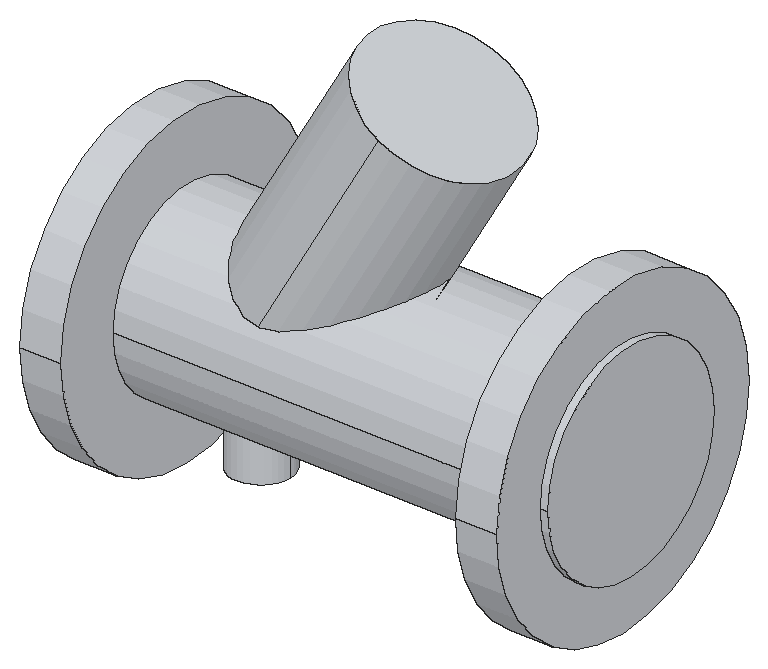
Revit family "HS 821-síto_standard-PN40-DN065-RFA_2018", category Pipe Accessories, Revit 2018
Family settings
  Round Connector Dimension = Use Diameter
  Part Type = Breaks Into
  Work Plane-Based = No
  Always vertical = Yes
  Cut with Voids When Loaded = No
  Shared = No
Parameters (values of type "821F-DN065-PN40-síto_standard")
  magiProductId = "dc9821e3f9b34e128f6a8c6b34c198"
  magiProductFamilyId = "79214ac3aaa945e397802f559f5c1e"
  magiPartTypeId = 307
  isMeasuringValve [instance] = no
  ang2D [instance] = 0.00°
  ZB__ve = -ZB  # -29.75 mm
  ZB1 = 49.41 mm
  ZB = 29.75 mm
  X2 = 86.927 mm
  X1 = 40.6 mm
  W2D = 15 mm
  VersionID = "2.0/2017.9.26.1/ZETKAMA_821_001"
  Use Minimum Symbol Size [instance] = yes
  URL = "www.hydronic.cz"
  Type Comments = "Filtr přírubový; síto standardní; A-PN16 (-10~300°C); D-PN25 (-10~350°C); F-PN40 (-10~400°C)"
  S = 122 mm
  QmdConnectorList = "301;D;302;D"
  Productdata [instance] = ""
  Manufacturer = "Hydronic Systems Prague s.r.o."
  MC Product Code = "240 665 (821F; DN065; PN40; kvs101,5; oko síta 1,25mm)"
  LM1 = 23.2 mm
  LM = 232 mm
  L4 = 72.5 mm
  L2D_Min = 3048 mm
  L2D = 130 mm
  L2 = 145 mm
  HH2 = 150.562 mm
  FD = 185 mm
  Description = "Filtr přírubový; síto standardní; 821A-PN16; 821D-PN25; 821F-PN40"
  DM1 = 94.2 mm
  DM = 109.8 mm
  D = 65 mm
  CC = 4.93 mm
  CAT0 = yes
  C1 = 24.07 mm
  C = 29 mm
  BD = 34.587 mm
Types (40, lengths in mm): name | magiProductId | ZB__ve | ZB1 | ZB | X2 | X1 | S | MC Product Code | LM1 | LM | L4 | L2 | HH2 | FD | DM1 | DM | D | CC | C1 | C | BD
  821A-DN015-PN16-síto_standard | "a71bcfe8b393460598b23e8ddf7dc5" | -16.25 | 18.63 | 16.25 | 46.982 | 18.2 | 46 | "200 115 (821A; DN015; PN16; kvs6,3; oko síta 1,00mm)" | 10.4 | 104 | 32.5 | 65 | 81.375 | 95 | 27.6 | 41.4 | 15 | 2.21 | 10.79 | 13 | 13.041
  821A-DN020-PN16-síto_standard | "41cd6c7a12924f4991217528336076" | -17.75 | 22.68 | 17.75 | 51.673 | 21 | 56 | "200 120 (821A; DN020; PN16; kvs11,2; oko síta 1,00mm)" | 12 | 120 | 37.5 | 75 | 89.5 | 105 | 33.6 | 50.4 | 20 | 2.55 | 12.45 | 15 | 15.876
  821A-DN025-PN16-síto_standard | "be378b463ed14c3abf4c9b3ae8cf3a" | -19.25 | 26.325 | 19.25 | 58.601 | 22.4 | 65 | "200 125 (821A; DN025; PN16; kvs14,7; oko síta 1,00mm)" | 12.8 | 128 | 40 | 80 | 101.5 | 115 | 43.2 | 58.5 | 25 | 2.72 | 13.28 | 16 | 18.427
  821A-DN032-PN16-síto_standard | "227a0d18b21540afabe8b6067d35fa" | -23 | 30.78 | 23 | 68.849 | 25.2 | 76 | "200 132 (821A; DN032; PN16; kvs23,7; oko síta 1,00mm)" | 14.4 | 144 | 45 | 90 | 119.25 | 140 | 50.4 | 68.4 | 32 | 3.06 | 14.94 | 18 | 21.546
  821A-DN040-PN16-síto_standard | "d106917c74724141a10440112d0102" | -24.5 | 34.02 | 24.5 | 75.777 | 28 | 84 | "200 140 (821A; DN040; PN16; kvs37,7; oko síta 1,00mm)" | 16 | 160 | 50 | 100 | 131.25 | 150 | 60 | 75.6 | 40 | 3.4 | 16.6 | 20 | 23.814
  821A-DN050-PN16-síto_standard | "8255d456a09e4f6486734f5dd9171b" | -26.75 | 40.095 | 26.75 | 79.061 | 32.2 | 99 | "200 150 (821A; DN050 PN16; kvs57,9; oko síta 1,00mm)" | 18.4 | 184 | 57.5 | 115 | 136.938 | 165 | 73.8 | 89.1 | 50 | 3.91 | 19.09 | 23 | 28.066
  821A-DN065-PN16-síto_standard | "235b1b3e4c0843779a4d5e3716d40a" | -29.75 | 47.79 | 29.75 | 86.927 | 40.6 | 118 | "200 165 (821A; DN065; PN16; kvs101,5; oko síta 1,25mm)" | 23.2 | 232 | 72.5 | 145 | 150.562 | 185 | 94.2 | 106.2 | 65 | 4.93 | 24.07 | 29 | 33.453
  821A-DN080-PN16-síto_standard | "a067f7c5236348ed8c820d16df7214" | -32 | 53.46 | 32 | 104.753 | 43.4 | 132 | "200 180 (821A; DN080; PN16; kvs147,4; oko síta 1,25mm)" | 24.8 | 248 | 77.5 | 155 | 181.438 | 200 | 107.4 | 118.8 | 80 | 5.27 | 25.73 | 31 | 37.422
  821A-DN100-PN16-síto_standard | "c49a648c2747461285837d643703cd" | -35 | 63.18 | 35 | 114.857 | 49 | 156 | "200 190 (821A; DN100; PN16; kvs209,6; oko síta 1,60mm)" | 28 | 280 | 87.5 | 175 | 198.937 | 220 | 131.4 | 140.4 | 100 | 5.95 | 29.05 | 35 | 44.226
  821A-DN125-PN16-síto_standard | "bf68e728a163493cbd2a663b26ebdc" | -39.5 | 74.52 | 39.5 | 131.888 | 56 | 184 | "200 191 (821A; DN125; PN16; kvs326,2; oko síta 1,60mm)" | 32 | 320 | 100 | 200 | 228.438 | 250 | 165 | 165.6 | 125 | 6.8 | 33.2 | 40 | 52.164
  821A-DN150-PN16-síto_standard | "2de770284b654863ae6bc865769dc5" | -44.75 | 85.455 | 44.75 | 155.885 | 67.2 | 211 | "200 192 (821A; DN150; PN16; kvs403; oko síta 1,60mm)" | 38.4 | 384 | 120 | 240 | 270 | 285 | 192 | 189.9 | 150 | 8.16 | 39.84 | 48 | 59.818
  821A-DN200-PN16-síto_standard | "8e5693371ab64aabb29a7f08c76e15" | -53 | 107.73 | 53 | 188.361 | 84 | 266 | "200 193 (821A; DN200; PN16; kvs707; oko síta 1,60mm)" | 48 | 480 | 150 | 300 | 326.25 | 340 | 252 | 239.4 | 200 | 10.2 | 49.8 | 60 | 75.411
  821A-DN250-PN16-síto_standard | "05e37ed948c34047acdd4c42556504" | -62.75 | 129.195 | 62.75 | 255.911 | 102.2 | 319 | "200 194 (821A; DN250; PN16; kvs1234; oko síta 1,60mm)" | 58.4 | 584 | 182.5 | 365 | 443.25 | 405 | 309.6 | 287.1 | 250 | 12.41 | 60.59 | 73 | 90.436
  821A-DN300-PN16-síto_standard | "9ad0af747269428da925480d83ce80" | -71 | 149.85 | 71 | 325.914 | 119 | 370 | "200 195 (821A; DN300; PN16; kvs1916; oko síta 1,60mm)" | 68 | 680 | 212.5 | 425 | 564.5 | 460 | 369.6 | 333 | 300 | 14.45 | 70.55 | 85 | 104.895
  821A-DN350-PN16-síto_standard | "eebc71459bb3451bb4355e7951370a" | -80 | 173.745 | 80 | 356.875 | 137.2 | 429 | "200 196 (821A; DN350; PN16; kvs2621; oko síta 1,60mm)" | 78.4 | 784 | 245 | 490 | 618.125 | 520 | 438 | 386.1 | 350 | 16.66 | 81.34 | 98 | 121.621
  821A-DN400-PN16-síto_standard | "d2f677cb196647e385b2590e7d8abe" | -89 | 194.4 | 89 | 392.237 | 154 | 480 | "200 197 (821A; DN400; PN16; kvs3460; oko síta 1,60mm)" | 88 | 880 | 275 | 550 | 679.375 | 580 | 498 | 432 | 400 | 18.7 | 91.3 | 110 | 136.08
  821D-DN015-PN25-síto_standard | "27ddcbf555414f8ca1fde329bf9087" | -16.25 | 18.63 | 16.25 | 46.982 | 18.2 | 46 | "200 215 (821D; DN015; PN25; kvs6,3; oko síta 1,00mm)" | 10.4 | 104 | 32.5 | 65 | 81.375 | 95 | 27.6 | 41.4 | 15 | 2.21 | 10.79 | 13 | 13.041
  821D-DN020-PN25-síto_standard | "270e0f14012f47189cd0235c18faee" | -17.75 | 22.68 | 17.75 | 51.673 | 21 | 56 | "200 220 (821D; DN020; PN25; kvs11,2; oko síta 1,00mm)" | 12 | 120 | 37.5 | 75 | 89.5 | 105 | 33.6 | 50.4 | 20 | 2.55 | 12.45 | 15 | 15.876
  821D-DN025-PN25-síto_standard | "b9a7fb4aa36643878c637d8e1ab992" | -19.25 | 26.325 | 19.25 | 58.601 | 22.4 | 65 | "200 225 (821D; DN025; PN25; kvs14,7; oko síta 1,00mm)" | 12.8 | 128 | 40 | 80 | 101.5 | 115 | 43.2 | 58.5 | 25 | 2.72 | 13.28 | 16 | 18.427
  821D-DN032-PN25-síto_standard | "6be9a55c4e68400f94eec7e804204c" | -23 | 30.78 | 23 | 68.849 | 25.2 | 76 | "200 232 (821D; DN032; PN25; kvs23,7; oko síta 1,00mm)" | 14.4 | 144 | 45 | 90 | 119.25 | 140 | 50.4 | 68.4 | 32 | 3.06 | 14.94 | 18 | 21.546
  821D-DN040-PN25-síto_standard | "c54511bd7f584ec2984291479612cb" | -24.5 | 34.02 | 24.5 | 75.777 | 28 | 84 | "200 240 (821D; DN040; PN25; kvs37,7; oko síta 1,00mm)" | 16 | 160 | 50 | 100 | 131.25 | 150 | 60 | 75.6 | 40 | 3.4 | 16.6 | 20 | 23.814
  821D-DN050-PN25-síto_standard | "5483b1f596b04cd39b23a14a22c90e" | -26.75 | 40.095 | 26.75 | 79.061 | 32.2 | 99 | "200 250 (821D; DN050; PN25; kvs57,9; oko síta 1,00mm)" | 18.4 | 184 | 57.5 | 115 | 136.938 | 165 | 73.8 | 89.1 | 50 | 3.91 | 19.09 | 23 | 28.066
  821D-DN065-PN25-síto_standard | "767b0f8318e94750bc7a9930ed5b30" | -29.75 | 47.79 | 29.75 | 86.927 | 40.6 | 118 | "200 265 (821D; DN065; PN25; kvs101,5; oko síta 1,25mm)" | 23.2 | 232 | 72.5 | 145 | 150.562 | 185 | 94.2 | 106.2 | 65 | 4.93 | 24.07 | 29 | 33.453
  821D-DN080-PN25-síto_standard | "e21040fa3cc2404b858198f6b73709" | -32 | 53.46 | 32 | 104.753 | 43.4 | 132 | "200 280 (821D; DN080; PN25; kvs147,4; oko síta 1,25mm)" | 24.8 | 248 | 77.5 | 155 | 181.438 | 200 | 107.4 | 118.8 | 80 | 5.27 | 25.73 | 31 | 37.422
  821D-DN100-PN25-síto_standard | "175ca87a506b40b3bc6b82f12f33cf" | -37.25 | 63.18 | 37.25 | 114.857 | 49 | 156 | "200 290 (821D; DN100; PN25; kvs209,6; oko síta 1,60mm)" | 28 | 280 | 87.5 | 175 | 198.937 | 235 | 131.4 | 140.4 | 100 | 5.95 | 29.05 | 35 | 44.226
  821D-DN125-PN25-síto_standard | "77cc98d60da24855999a22dff726b2" | -42.5 | 74.52 | 42.5 | 131.888 | 56 | 184 | "200 291 (821D; DN125; PN25; kvs326,2; oko síta 1,60mm)" | 32 | 320 | 100 | 200 | 228.438 | 270 | 165 | 165.6 | 125 | 6.8 | 33.2 | 40 | 52.164
  821D-DN150-PN25-síto_standard | "9cf8acfcd15547d68e83172d3abcbe" | -47 | 85.455 | 47 | 155.885 | 67.2 | 211 | "200 292 (821D; DN150; PN25; kvs403; oko síta 1,60mm)" | 38.4 | 384 | 120 | 240 | 270 | 300 | 192 | 189.9 | 150 | 8.16 | 39.84 | 48 | 59.818
  821D-DN200-PN25-síto_standard | "16973f3c9ea14389ba8602495a6b64" | -56 | 110.97 | 56 | 188.361 | 84 | 274 | "200 293 (821D; DN200; PN25; kvs707; oko síta 1,60mm)" | 48 | 480 | 150 | 300 | 326.25 | 360 | 252 | 246.6 | 200 | 10.2 | 49.8 | 60 | 77.679
  821F-DN015-PN40-síto_standard | "4c7eaf3c4c0340888b3e684d8a8616" | -16.25 | 18.225 | 16.25 | 46.982 | 18.2 | 45 | "240 615 (821F; DN015; PN40; kvs6,3; oko síta 1,00mm)" | 10.4 | 104 | 32.5 | 65 | 81.375 | 95 | 27.6 | 40.5 | 15 | 2.21 | 10.79 | 13 | 12.757
  821F-DN020-PN40-síto_standard | "aaac5f1ec96b44d6ba96ac2293d66d" | -17.75 | 23.49 | 17.75 | 51.673 | 21 | 58 | "240 620 (821F; DN020; PN40; kvs11,2; oko síta 1,00mm)" | 12 | 120 | 37.5 | 75 | 89.5 | 105 | 33.6 | 52.2 | 20 | 2.55 | 12.45 | 15 | 16.443
  821F-DN025-PN40-síto_standard | "504768023968471481789485b54c7e" | -19.25 | 27.54 | 19.25 | 58.601 | 22.4 | 68 | "240 625 (821F; DN025; PN40; kvs14,7; oko síta 1,00mm)" | 12.8 | 128 | 40 | 80 | 101.5 | 115 | 43.2 | 61.2 | 25 | 2.72 | 13.28 | 16 | 19.278
  821F-DN032-PN40-síto_standard | "165e7f39cf744f329bdf1c400dad12" | -23 | 31.59 | 23 | 68.849 | 25.2 | 78 | "240 632 (821F; DN032; PN40; kvs23,7; oko síta 1,00mm)" | 14.4 | 144 | 45 | 90 | 119.25 | 140 | 50.4 | 70.2 | 32 | 3.06 | 14.94 | 18 | 22.113
  821F-DN040-PN40-síto_standard | "b8903f952089408fbf3a5a632bab1f" | -24.5 | 35.64 | 24.5 | 75.777 | 28 | 88 | "240 640 (821F; DN040; PN40; kvs37,7; oko síta 1,00mm)" | 16 | 160 | 50 | 100 | 131.25 | 150 | 60 | 79.2 | 40 | 3.4 | 16.6 | 20 | 24.948
  821F-DN050-PN40-síto_standard | "c451f97266fe48da8f879cb6a2bd44" | -26.75 | 41.31 | 26.75 | 79.061 | 32.2 | 102 | "240 650 (821F; DN050; PN40; kvs57,9; oko síta 1,00mm)" | 18.4 | 184 | 57.5 | 115 | 136.938 | 165 | 73.8 | 91.8 | 50 | 3.91 | 19.09 | 23 | 28.917
  821F-DN065-PN40-síto_standard | "dc9821e3f9b34e128f6a8c6b34c198" | -29.75 | 49.41 | 29.75 | 86.927 | 40.6 | 122 | "240 665 (821F; DN065; PN40; kvs101,5; oko síta 1,25mm)" | 23.2 | 232 | 72.5 | 145 | 150.562 | 185 | 94.2 | 109.8 | 65 | 4.93 | 24.07 | 29 | 34.587
  821F-DN080-PN40-síto_standard | "689aa1e260f84cf4994f027a1d86b5" | -32 | 55.89 | 32 | 104.753 | 43.4 | 138 | "240 680 (821F; DN080; PN40; kvs147,4; oko síta 1,25mm)" | 24.8 | 248 | 77.5 | 155 | 181.438 | 200 | 107.4 | 124.2 | 80 | 5.27 | 25.73 | 31 | 39.123
  821F-DN100-PN40-síto_standard | "8a45d4e8e2ab425f8c432f21d684f3" | -37.25 | 65.61 | 37.25 | 114.857 | 49 | 162 | "240 690 (821F; DN100; PN40; kvs209,6; oko síta 1,6mm)" | 28 | 280 | 87.5 | 175 | 198.937 | 235 | 131.4 | 145.8 | 100 | 5.95 | 29.05 | 35 | 45.927
  821F-DN125-PN40-síto_standard | "cf073904c006406b8645afa67ea2fc" | -42.5 | 76.14 | 42.5 | 131.888 | 56 | 188 | "240 691 (821F; DN125; PN40; kvs326,2; oko síta 1,6mm)" | 32 | 320 | 100 | 200 | 228.438 | 270 | 165 | 169.2 | 125 | 6.8 | 33.2 | 40 | 53.298
  821F-DN150-PN40-síto_standard | "0153b9ddabe14992a630484929fdbc" | -47 | 88.29 | 47 | 155.885 | 67.2 | 218 | "240 692 (821F; DN150; PN40; kvs403; oko síta 1,6mm)" | 38.4 | 384 | 120 | 240 | 270 | 300 | 192 | 196.2 | 150 | 8.16 | 39.84 | 48 | 61.803
  821F-DN200-PN40-síto_standard | "7fb3fc01dd8d42428c203e3f8dd4d5" | -56 | 115.425 | 56 | 188.361 | 84 | 285 | "240 693 (821F; DN200; PN40; kvs707; oko síta 1,6mm)" | 48 | 480 | 150 | 300 | 326.25 | 360 | 252 | 256.5 | 200 | 10.2 | 49.8 | 60 | 80.797
Reference planes
  plane 1 "Center (Front/Back)": y = 0
  plane 2 "XYPLANE": z = 0
  plane 3 "Center (Left/Right)": x = 0
  plane 4 "109": x = -92.8
  plane 5 "108": x = 116
  plane 6 "107": x = -116
  plane 7 "105": x = 145
  plane 8 "104": x = -145
  plane 9 "103": y = 0
  plane 10 "102": z = 0
  plane 11 "101": x = -140.07
  plane 12 "100": x = 140.07
  plane 13 "11": x = -52.2
  plane 14 "10": z = 150.562
  plane 15 "9": x = 34.727
  plane 16 "5": z = -49.41
  plane 17 "4": x = -72.5
  plane 18 "1": x = 72.5
Forms (mm)
  Extrusion 1, solid, visible <- "CAT0"
    sketch origin (-116, -750, 0) x (0, 1, 0) y (0, 0, 1)
      loop
        circle (750, 0) r 54.9
    from 0 to 232 <- "LM"
  Extrusion 2, solid
    sketch origin (-145, -750, 0) x (0, 1, 0) y (0, 0, 1)
      loop
        circle (750, 0) r 61
    from 0 to 4.93 <- "CC"
  Extrusion 3, solid
    sketch origin (-140.07, -750, 0) x (0, 1, 0) y (0, 0, 1)
      loop
        circle (750, 0) r 92.5
    from 0 to 24.07 <- "C1"
  Extrusion 4, solid
    sketch origin (116, -750, 0) x (0, 1, 0) y (0, 0, 1)
      loop
        circle (750, 0) r 92.5
    from 0 to 24.07 <- "C1"
  Extrusion 5, solid
    sketch origin (140.07, -750, 0) x (0, 1, 0) y (0, 0, 1)
      loop
        circle (750, 0) r 61
    from 0 to 4.93 <- "CC"
  Sweep 6, solid, visible <- "CAT0"
    path origin (750, 0, 0) x (-1, 0, 0) y (0, 0, 1)
      loop
        line (866, 0) -> (802.2, 0) -> (715.273, 150.562)
    profile origin (-116, 0, 0) x (0, 0, -1) y (0, 1, 0)
      loop
        circle (0, 0) r 47.1
  Extrusion 7, solid, visible <- "CAT0"
    sketch origin (-750, 0, -49.41) x (1, 0, 0) y (0, 1, 0)
      loop
        circle (677.5, 0) r 17.293
    from 0 to -29.75 <- "ZB__ve"
  Extrusion 8, solid, visible <- "CAT0"
    sketch origin (-750, 0, -49.41) x (1, 0, 0) y (0, 1, 0)
      loop
        circle (822.5, 0) r 17.293
    from 0 to -29.75 <- "ZB__ve"
  Extrusion 9, solid, not visible
    sketch origin (145, -750, 0) x (0, 1, 0) y (0, 0, 1)
      loop
        circle (750, 0) r 10
    from 0 to -10
  Extrusion 10, solid, not visible
    sketch origin (-145, -750, 0) x (0, 1, 0) y (0, 0, 1)
      loop
        circle (750, 0) r 10
    from 0 to 10
Lines and regions (mm)
  reference lines, not visible
    curve 1: circle (2, 2, 0) r 1 normal (0, 0, 1)
Dimensions and locks
  plane 1 "Center (Front/Back)" to curve 1 = 2 mm
  "LM1": plane 6 "107" to plane 4 "109"
  "LM": plane 6 "107" to plane 5 "108"
  "C": plane 8 "104" to plane 6 "107"
  "L2": plane 3 "Center (Left/Right)" to plane 7 "105"
  "L2": plane 3 "Center (Left/Right)" to plane 8 "104"
  locked: plane 1 "Center (Front/Back)" to plane 9 "103"
  locked: plane 2 "XYPLANE" to plane 10 "102"
  "CC": plane 8 "104" to plane 11 "101"
  "C1": plane 5 "108" to plane 12 "100"
  "X1": plane 4 "109" to plane 13 "11"
  "HH2": plane 2 "XYPLANE" to plane 14 "10"
  "X2": plane 13 "11" to plane 15 "9"
  "ZB1": plane 2 "XYPLANE" to plane 16 "5"
  "L4": plane 8 "104" to plane 17 "4"
  "L2": plane 17 "4" to plane 18 "1"
  Sweep 6 sketch curve to Sweep 6 sketch curve = 0 mm  (x2)
  "DM": diameter of Extrusion 1 sketch curve
  "S": diameter of Extrusion 2 sketch curve
  "FD": diameter of Extrusion 3 sketch curve
  "FD": diameter of Extrusion 4 sketch curve
  "S": diameter of Extrusion 5 sketch curve
  "DM1": diameter of Sweep 6 sketch curve
  "BD": diameter of Extrusion 7 sketch curve
  "BD": diameter of Extrusion 8 sketch curve
  aligned and locked: level to plane 2 "XYPLANE"
  aligned and locked: Extrusion 1 sketch curve to plane 9 "103"
  aligned and locked: plane 10 "102" to Extrusion 1 sketch curve
  aligned and locked: Extrusion 2 sketch curve to plane 9 "103"
  aligned and locked: plane 10 "102" to Extrusion 2 sketch curve
  aligned and locked: Extrusion 3 sketch curve to plane 9 "103"
  aligned and locked: plane 10 "102" to Extrusion 3 sketch curve
  aligned and locked: Extrusion 4 sketch curve to plane 9 "103"
  aligned and locked: plane 10 "102" to Extrusion 4 sketch curve
  aligned and locked: Extrusion 5 sketch curve to plane 9 "103"
  aligned and locked: plane 10 "102" to Extrusion 5 sketch curve
  aligned and locked: Sweep 6 sketch curve to plane 9 "103"
  aligned and locked: plane 10 "102" to Sweep 6 sketch curve  (x3)
  aligned and locked: plane 6 "107" to Sweep 6 sketch curve
  aligned and locked: plane 13 "11" to Sweep 6 sketch curve
  aligned and locked: plane 14 "10" to Sweep 6 sketch curve
  aligned and locked: plane 15 "9" to Sweep 6 sketch curve
  aligned and locked: plane 9 "103" to Extrusion 7 sketch curve
  aligned and locked: plane 17 "4" to Extrusion 7 sketch curve
  aligned and locked: plane 9 "103" to Extrusion 8 sketch curve
  aligned and locked: plane 18 "1" to Extrusion 8 sketch curve
  aligned and locked: Extrusion 9 sketch curve to plane 9 "103"
  aligned and locked: plane 10 "102" to Extrusion 9 sketch curve
  aligned and locked: Extrusion 10 sketch curve to plane 9 "103"
  aligned and locked: plane 10 "102" to Extrusion 10 sketch curve
Automatic sketch dimensions
  plane 1 "Center (Front/Back)" to Extrusion 9 sketch curve = 10 mm
  plane 1 "Center (Front/Back)" to Extrusion 10 sketch curve = 10 mm
  plane 3 "Center (Left/Right)" to curve 1 = 2 mm
  radius of curve 1 = 1 mm
Connectors
  piping at (-145, 0, 0), diameter 65, driven by "D"
    settings: on Extrusion 10, index 1, connector inside diameter 609.6 mm, connector length 0 mm, flow factor 0, pipe flow 0.0 L/s, pressure drop 0.0 Pa, fitting loss kfactor 0, connector angle 0.00°, fixture units 0, engagement length 0 mm, angle of deflection 0.00°, flow configuration 0, flow direction 0, fitting loss method 0, system type 29, joint type 0, gender type 0, connector reference index 2, connector utility 0, adjustable connector no, is connector primary yes, connector description ""
  piping at (145, 0, 0), diameter 65, driven by "D"
    settings: on Extrusion 9, index 2, connector inside diameter 609.6 mm, connector length 0 mm, flow factor 0, pipe flow 0.0 L/s, pressure drop 0.0 Pa, fitting loss kfactor 0, connector angle 0.00°, fixture units 0, engagement length 0 mm, angle of deflection 0.00°, flow configuration 0, flow direction 0, fitting loss method 0, system type 29, joint type 0, gender type 0, connector reference index 1, connector utility 0, adjustable connector no, is connector primary no, connector description ""
